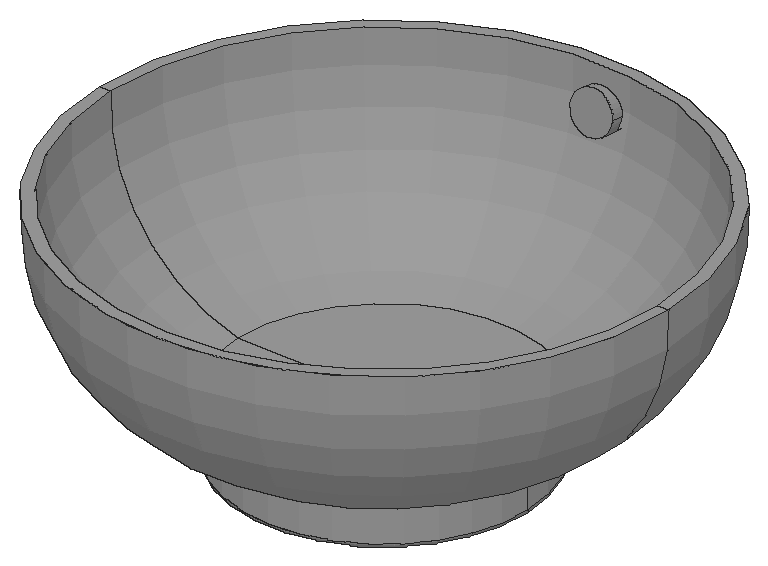
Revit family "L.OMEGA", category Plumbing Fixtures, Revit 2019
Family settings
  Round Connector Dimension = Use Diameter
  Part Type = Normal
  OmniClass Number = 23.45.00.00
  OmniClass Title = Sanitary, Laundry, and Cleaning Equipment
  Work Plane-Based = No
  Always vertical = Yes
  Cut with Voids When Loaded = No
  Shared = No
  Room Calculation Point = No
Reference planes
  plane 1 "Center (Front/Back)": y = 0
  plane 2: z = 0
  plane 3 "Center (Left/Right)": x = 0
Forms (mm)
  Revolve 1, solid
    sketch origin (0, 0, 0) x (1, 0, 0) y (0, 0, 1)
      loop
        line (0, 0) -> (28, 0)
        arc (28, 0) -> (30.121, 0.879) -> (31, 3) r 3
        line (31, 3) -> (31, 20.502)
        arc (31, 20.502) -> (31.878, 22.622) -> (33.998, 23.5) r 2.998
        line (33.998, 23.5) -> (99.4, 23.5)
        arc (99.4, 23.5) -> (101.521, 24.379) -> (102.4, 26.5) r 3
        line (102.4, 26.5) -> (102.4, 51.216)
        arc (102.4, 51.216) -> (103.466, 54.302) -> (106.209, 56.072) r 5
        arc (106.209, 56.072) -> (178.866, 105.001) -> (202.554, 189.332) r 126.982
        line (202.554, 189.332) -> (194.528, 189.332)
        arc (194.528, 189.332) -> (172.566, 109.942) -> (104.303, 63.842) r 118.982
        line (104.303, 63.842) -> (0, 63.842) -> (0, 0)
      axis (0, 0) -> (0, 189.332)
    angle from 0 to 360
  Extrusion 2, void
    sketch origin (0, 0, 0) x (1, 0, 0) y (0, 1, 0)
      loop
        circle (0, 0) r 25
    from -5.739 to 63.842
  Extrusion 3, solid
    sketch origin (0, -18.02, 26.215) x (1, 0, 0) y (0, 0.121869, 0.992546)
      loop
        circle (0, 160.422) r 15
    from -198.51 to -184.087
Cuts and joins
  Extrusion 2 cuts Revolve 1
Dimensions and locks
  aligned and locked: level to plane 2
